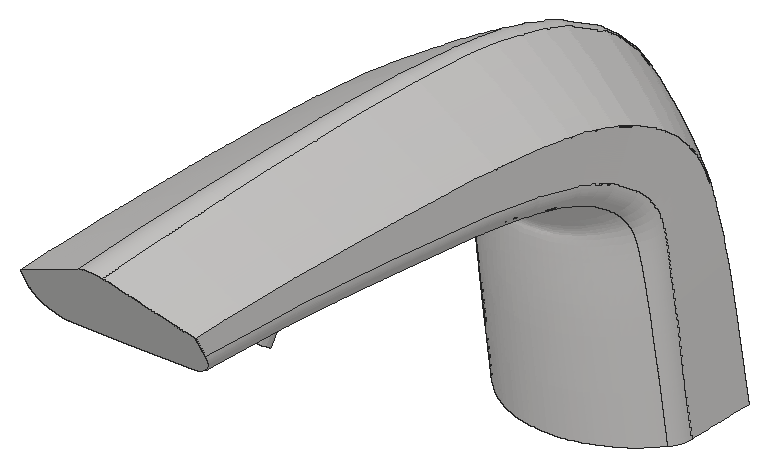
Revit family "Plumbing-Faucet-Sloan-Valve-EBF-415_", category Plumbing Fixtures, host Face, Revit 2020
Family settings
  Host = Face
  Round Connector Dimension = Use Diameter
  Part Type = Normal
  OmniClass Number = 23.45.55.14
  OmniClass Title = Single Faucets
  Cut with Voids When Loaded = No
  Shared = No
  Room Calculation Point = No
Parameters (values of type "Not a Type - Load Type Catalog!")
  z_Trim Plate Length = if(z_Trim Plate 8, 10.25", if(z_Trim Plate 4, 6.18", 5.00"))  # 5.00"
  z_Trim Plate 8 = no
  z_Trim Plate 4 = no
  Water Inlet Connection Diameter = 3/8"
  Water Inlet Connection Description [instance] = "Pretempered Water Supply Connection"  # constant formula
  Water Flow = 0.5 GPM
  z_No Trim Plate = and(not(z_Trim Plate 4), not(z_Trim Plate 8))  # yes
  Width = if(z_No Trim Plate, 2.00", z_Trim Plate Length)  # 2.00"
  Waste Connection = no
  WFU = 0
  Vent Connection = no
  Valve Pressure Drop = 0.00 psi
  URL = "www.sloanvalve.com"
  Product data url = "https://bimobject.com/sloan_valve/product/faucets_optima_EBF-415"
  Product Material = Sloan Valve - Finish - Brushed Stainless Steel
  Part Number = "3315392BT"
  Model = "Model not specified - Load type catalog!"
  Manufacturer = "Sloan Valve"  # constant formula
  Keynote = "15410"
  Height = 4.50"  # constant formula
  HWFU = 1.5
  HW Connection = yes
  Edition number = 1
  Description = "Battery Power Supply, Back-Check Tee, Brushed Stainless Finish, 0.5\r\ngpm, Multi-Laminar Spray, Infrared Sensor, Optima® Battery-Powered\r\nDeck-Mounted Low Body."
  Depth = 6.50"  # constant formula
  Default Elevation = 0.00"
  CWFU = 1.5
  CW Connection = yes
  Assembly Code = "D2010"
Reference planes (in)
  plane 1 "Center (Front/Back)": y = 0
  plane 2: z = 0
  plane 3 "Center (Left/Right)": x = 0
Forms (in)
  Extrusion 1, solid, not visible
    sketch origin (0, 0, 0) x (1, 0, 0) y (0, 1, 0)
      loop
        circle (0, 0) r 0.1875
    from 0 to -0.05799
  Extrusion 2, solid, not visible
    sketch origin (0, 0, 0) x (1, 0, 0) y (0, 1, 0)
      loop
        circle (0, 0.3499) r 0.10921
    from 0 to -0.05799
  Extrusion 3, solid, not visible
    sketch origin (0, 0, 0) x (1, 0, 0) y (0, 1, 0)
      loop
        circle (0, 0.3499) r 0.10921
    from 0 to -0.05799
  Extrusion 4, solid, not visible
    sketch origin (0, 0, 0) x (1, 0, 0) y (0, 1, 0)
      loop
        circle (0, 0.3499) r 0.10921
    from 0 to -0.05799
Dimensions and locks (in)
  equal spacing: group 3, group 2, group 1
  equal spacing: group 1, group 2, group 3  (x2)
  equal spacing: group 4, group 5, group 6  (x3)
  aligned and locked: plane 2 to host face
  aligned and locked: level to host face
  aligned and locked: plane 1 "Center (Front/Back)" to nested 1
  aligned and locked: plane 1 "Center (Front/Back)" to nested 3
  aligned and locked: plane 1 "Center (Front/Back)" to nested 4
Automatic sketch dimensions
  host sketch curve to host sketch curve = 96.00"  (x2)
  plane 1 "Center (Front/Back)" to Extrusion 1 sketch curve = 0.00"
  Extrusion 1 sketch curve to plane 3 "Center (Left/Right)" = 0.00"
  radius of Extrusion 1 sketch curve = 0.1875"
  radius of Extrusion 2 sketch curve = 0.10921"
  radius of Extrusion 3 sketch curve = 0.10921"
  radius of Extrusion 4 sketch curve = 0.10921"
Nested families (in)
  nested 1: "Connection" at (0.75, 0, 0), type "Connection"
  nested 2: "Connection" at (0.25, 0, 0), type "Connection"
  nested 3: "Connection" at (-0.25, 0, 0), type "Connection"
  nested 4: "Geometry_" at (-1, 0, 0), type "Geometry_"
Connectors (in)
  piping at (0, 0, 0), diameter 0.375, driven by "Water Inlet Connection Description", driven by "Water Inlet Connection Diameter", driven by "Water Flow", driven by "Valve Pressure Drop"
    settings: on Extrusion 1, index 4, connector inside diameter 24", connector length 0.00", flow factor 0, pipe flow 0.5 GPM, pressure drop 0.00 psi, fitting loss kfactor 0, connector angle 0.00°, fixture units 0, engagement length 0.00", angle of deflection 0.00°, flow configuration 1, flow direction 1, fitting loss method 4, system type 22, joint type 0, gender type 0, connector reference index -1, connector utility 0, adjustable connector no, is connector primary yes, connector description "Pretempered Water Supply Connection"
Definition of nested family "Geometry_"
  Parameters (values of type "Geometry_")
    z_8 Trim Plate = no
    z_4 Trim Plate = no
    URL = ""
    Thermoplastic Material = none
    Product Material = none
    Model = ""
    Manufacturer = ""
    Description = ""
    Default Elevation = 48.00"
    Assembly Code = ""
  Reference planes (in)
    plane 1 "Center (Front/Back)": y = 0
    plane 2: z = 0
    plane 3 "Center (Left/Right)": x = 0
    plane 4: z = 1.22047
    plane 5: x = 1
  Forms (in)
    SweptBlend 1, solid, material <- "Product Material"
      path origin (1, 0.1674, -0.0027) x (0, 1, 0) y (0, 0, 1)
        loop
          spline (-0.11032, -0.33112) -> (-0.42012, 1.5816) -> (-0.51756, 2.12474) -> (-0.62691, 2.52856) -> (-0.86765, 2.90021) -> (-1.30595, 3.23889) -> (-1.95849, 3.50963) -> (-2.81534, 3.68957) -> (-3.77791, 3.80093) -> (-4.7283, 3.87576) -> (-5.60888, 3.93784) -> (-6.56682, 3.98272) -> (-7.79276, 4)
      profile origin (1, 0.05708, -0.33382) x (0, -0.987688, -0.156434) y (1, 0, 0)
        loop
          line (-0.43536, -1.09002) -> (0.34769, -1.09002)
          arc (0.34769, -1.09002) -> (0.51221, -1.0569) -> (0.65108, -0.9627) r 0.42513
          arc (0.65108, -0.9627) -> (1.09245, 0.03563) -> (0.60865, 1.0141) r 1.28754
          arc (0.60865, 1.0141) -> (0.50445, 1.08104) -> (0.38283, 1.10447) r 0.32731
          line (0.38283, 1.10447) -> (-0.42182, 1.10447)
          arc (-0.42182, 1.10447) -> (-0.83566, 0.59661) -> (-1.18577, 0.04288) r 5.4663
          arc (-1.18577, 0.04288) -> (-1.19685, 0.00285) -> (-1.1887, -0.03788) r 0.08964
          arc (-1.1887, -0.03788) -> (-0.84328, -0.58632) -> (-0.43536, -1.09002) r 5.4663
      end profile origin (1, -7.62536, 3.9973) x (0, 0, -1) y (1, 0, 0)
        loop
          line (-0.4675, -0.13826) -> (-0.03786, -1) -> (0.19206, -1)
          arc (0.19206, -1) -> (0.40981, -0.90981) -> (0.5, -0.69206) r 0.30794
          line (0.5, -0.69206) -> (0.5, 0.69206)
          arc (0.5, 0.69206) -> (0.40981, 0.90981) -> (0.19206, 1) r 0.30794
          line (0.19206, 1) -> (-0.03786, 1) -> (-0.4675, 0.13826)
          arc (-0.4675, 0.13826) -> (-0.50005, 0) -> (-0.4675, -0.13826) r 0.30988
    Extrusion 2, void
      sketch origin (1, 0.1674, -0.0027) x (0, 1, 0) y (0, 0, 1)
        loop
          line (-1.67616, 0) -> (-1.67616, -0.75) -> (1.35895, -0.75) -> (1.35895, 0) -> (-1.67616, 0)
      from -1.64634 to 1.54497
    Extrusion 3, void
      sketch origin (1, 0.1674, -0.0027) x (0, -1, 0) y (0, 0, 1)
        loop
          line (7.91501, 4.74536) -> (6.97534, 3.13935) -> (7.91501, 3.13935) -> (7.91501, 4.74536)
      from -1.10352 to 1.09856
    Revolve 4, solid, material <- "Product Material"
      sketch origin (1, 0.1674, -0.0027) x (0, 1, 0) y (0, 0, 1)
        loop
          line (-5.93114, 3.11051) -> (-5.61499, 3.57922) -> (-6.02951, 3.85882) -> (-6.34566, 3.3901) -> (-5.93114, 3.11051)
        axis (-5.61499, 3.57922) -> (-5.93114, 3.11051)
      angle from 0 to 360
    Extrusion 5, solid, not visible
      sketch origin (1, 0.1674, -0.0027) x (1, 0, 0) y (0, 1, 0)
        loop
          circle (0, -0.16839) r 0.1875
      from -0.03125 to 0
    Extrusion 6, solid, material <- "Product Material", visible <- "z_4 Trim Plate"
      sketch origin (-21.62131, -3.96048, 0) x (1, 0, 0) y (0, 1, 0)
        loop
          arc (25.59448, 4.67047) -> (25.41299, 4.93476) -> (25.11909, 5.06285) r 0.58203
          arc (25.11909, 5.06285) -> (22.62198, 5.22877) -> (20.12464, 5.06643) r 19.0796
          arc (20.12464, 5.06643) -> (19.83153, 4.93929) -> (19.65004, 4.67633) r 0.58065
          arc (19.65004, 4.67633) -> (19.52804, 3.97861) -> (19.62084, 3.2764) r 2.33504
          arc (19.62084, 3.2764) -> (19.78453, 3.01822) -> (20.06073, 2.88719) r 0.55043
          arc (20.06073, 2.88719) -> (22.62128, 2.67991) -> (25.18182, 2.88719) r 15.91884
          arc (25.18182, 2.88719) -> (25.45802, 3.01822) -> (25.62171, 3.2764) r 0.55043
          arc (25.62171, 3.2764) -> (25.71458, 3.97552) -> (25.59448, 4.67047) r 2.33504
      from 0 to 0.14662
    Extrusion 7, solid, material <- "Product Material", visible <- "z_8 Trim Plate"
      sketch origin (-10.62131, -3.96048, 0) x (1, 0, 0) y (0, 1, 0)
        loop
          arc (7.27839, 5.11223) -> (7.06529, 5.06021) -> (6.88563, 4.93437) r 0.59375
          arc (6.88563, 4.93437) -> (6.49546, 3.96048) -> (6.90871, 2.99615) r 1.36992
          arc (6.90871, 2.99615) -> (7.08139, 2.87881) -> (7.28395, 2.82827) r 0.59568
          arc (7.28395, 2.82827) -> (11.62164, 2.67991) -> (15.95932, 2.82832) r 63.47647
          arc (15.95932, 2.82832) -> (16.16097, 2.87859) -> (16.33295, 2.99527) r 0.59375
          arc (16.33295, 2.99527) -> (16.74709, 3.95985) -> (16.35693, 4.93437) r 1.36992
          arc (16.35693, 4.93437) -> (16.17726, 5.06021) -> (15.96417, 5.11223) r 0.59375
          arc (15.96417, 5.11223) -> (11.62128, 5.22877) -> (7.27839, 5.11223) r 80.97816
      from 0 to 0.14662
  Cuts and joins
    Extrusion 2, Extrusion 3 cuts SweptBlend 1
  Lines and regions (in)
    Masking region 1, visible <- "z_8 Trim Plate"
      outline origin (0, 0, 0) x (1, 0, 0) y (0, 1, 0)
        loop
          line (2.10378, 0.42909) -> (2.08146, -1.27135)
          arc (2.08146, -1.27135) -> (3.7103, -1.22268) -> (5.33802, -1.13216) r 63.47647
          arc (5.33802, -1.13216) -> (5.53967, -1.08189) -> (5.71165, -0.9652) r 0.59375
          arc (5.71165, -0.9652) -> (6.12579, -0.00063) -> (5.73562, 0.97389) r 1.36992
          arc (5.73562, 0.97389) -> (5.55596, 1.09973) -> (5.34287, 1.15175) r 0.59375
          arc (5.34287, 1.15175) -> (0.99997, 1.26829) -> (-3.34292, 1.15175) r 80.97816
          arc (-3.34292, 1.15175) -> (-3.55601, 1.09973) -> (-3.73567, 0.97389) r 0.59375
          arc (-3.73567, 0.97389) -> (-4.12585, 0) -> (-3.7126, -0.96433) r 1.36992
          arc (-3.7126, -0.96433) -> (-3.53992, -1.08166) -> (-3.33735, -1.13221) r 0.59568
          arc (-3.33735, -1.13221) -> (-1.7103, -1.22268) -> (-0.08146, -1.27135) r 63.47647
          line (-0.08146, -1.27135) -> (-0.10379, 0.42942)
          arc (-0.10379, 0.42942) -> (0.42324, 0.86233) -> (0.99984, 1.22663) r 5.49556
          arc (0.99984, 1.22663) -> (1.57661, 0.86219) -> (2.10378, 0.42909) r 5.49554
    Masking region 2
      outline origin (0, 0, 0) x (1, 0, 0) y (0, 1, 0)
        loop
          spline (-0.00182, -7.33715) -> (0.07009, -7.35812) -> (0.14204, -7.37906) -> (0.21403, -7.39996) -> (0.28606, -7.42082) -> (0.35813, -7.44165) -> (0.43024, -7.46245) -> (0.50239, -7.48321) -> (0.57458, -7.50394) -> (0.6468, -7.52463) -> (0.71907, -7.54528) -> (0.79137, -7.5659) -> (0.86371, -7.58649)
          spline (0.86371, -7.58649) -> (0.88487, -7.59192) -> (0.90687, -7.59642) -> (0.92955, -7.59995) -> (0.95275, -7.6025) -> (0.97628, -7.60403) -> (1, -7.60454) -> (1.02371, -7.60403) -> (1.04725, -7.6025) -> (1.07044, -7.59995) -> (1.09312, -7.59642) -> (1.11512, -7.59192) -> (1.13628, -7.58649)
          spline (1.13628, -7.58649) -> (1.20863, -7.5659) -> (1.28094, -7.54528) -> (1.35321, -7.52462) -> (1.42544, -7.50393) -> (1.49762, -7.4832) -> (1.56977, -7.46243) -> (1.64188, -7.44163) -> (1.71395, -7.4208) -> (1.78598, -7.39992) -> (1.85797, -7.37901) -> (1.92991, -7.35807) -> (2.00182, -7.33709)
          line (2.00182, -7.33709) -> (2.10378, 0.42909)
          arc (2.10378, 0.42909) -> (1.57661, 0.86219) -> (0.99984, 1.22663) r 5.49554
          arc (0.99984, 1.22663) -> (0.42324, 0.86233) -> (-0.10379, 0.42942) r 5.49556
          line (-0.10379, 0.42942) -> (-0.00182, -7.33715)
    Masking region 3, visible <- "z_4 Trim Plate"
      outline origin (0, 0, 0) x (1, 0, 0) y (0, 1, 0)
        loop
          line (2.10378, 0.42909) -> (2.08182, -1.24377)
          arc (2.08182, -1.24377) -> (2.82319, -1.17582) -> (3.56052, -1.07328) r 15.91884
          arc (3.56052, -1.07328) -> (3.83672, -0.94226) -> (4.00041, -0.68407) r 0.55043
          arc (4.00041, -0.68407) -> (4.09328, 0.01504) -> (3.97318, 0.71) r 2.33504
          arc (3.97318, 0.71) -> (3.79169, 0.97428) -> (3.49779, 1.10237) r 0.58203
          arc (3.49779, 1.10237) -> (1.00068, 1.26829) -> (-1.49666, 1.10595) r 19.0796
          arc (-1.49666, 1.10595) -> (-1.78978, 0.97881) -> (-1.97126, 0.71586) r 0.58065
          arc (-1.97126, 0.71586) -> (-2.09327, 0.01813) -> (-2.00046, -0.68407) r 2.33504
          arc (-2.00046, -0.68407) -> (-1.83677, -0.94226) -> (-1.56057, -1.07328) r 0.55043
          arc (-1.56057, -1.07328) -> (-0.82319, -1.17582) -> (-0.08182, -1.24377) r 15.91884
          line (-0.08182, -1.24377) -> (-0.10379, 0.42942)
          arc (-0.10379, 0.42942) -> (0.42324, 0.86233) -> (0.99984, 1.22663) r 5.49556
          arc (0.99984, 1.22663) -> (1.57661, 0.86219) -> (2.10378, 0.42909) r 5.49554
    symbolic lines, detail levels medium+fine
      curve 1: line (0.86197, -7.58599, 0) -> (0.96177, 1.20556, 0)
      curve 2: line (1.04321, 1.2026, 0) -> (1.13804, -7.58599, 0)
  Dimensions and locks (in)
    locked: Extrusion 6 sketch curve to Extrusion 6 sketch curve at 0.43989  (x2)
    aligned and locked: Masking region 1 sketch curve to cut or joined group of SweptBlend 1, Extrusion 2, Extrusion 3  (x2)
    aligned and locked: Masking region 1 sketch curve to Extrusion 7  (x8)
    aligned and locked: Masking region 3 sketch curve to Extrusion 6  (x2)
Definition of nested family "Connection"
  Parameters (values of type "Connection")
    Default Elevation = 48.00"
  Reference planes (in)
    plane 1 "Center (Front/Back)": y = 0
    plane 2: z = 0
    plane 3 "Center (Left/Right)": x = 0
  Forms (in)
    Extrusion 1, solid
      sketch origin (0, 0, 0) x (1, 0, 0) y (0, 1, 0)
        loop
          line (-48, 48) -> (-48, -48) -> (48, -48) -> (48, 48) -> (-48, 48)
      from 0 to -12
    Extrusion 2, solid, not visible
      sketch origin (0, 0, 0) x (1, 0, 0) y (0, 1, 0)
        loop
          circle (0, 0) r 0.19685
      from 0 to -0.34945
  Dimensions and locks (in)
    aligned and locked: plane 2 to Extrusion 1
    aligned and locked: level to Extrusion 1
